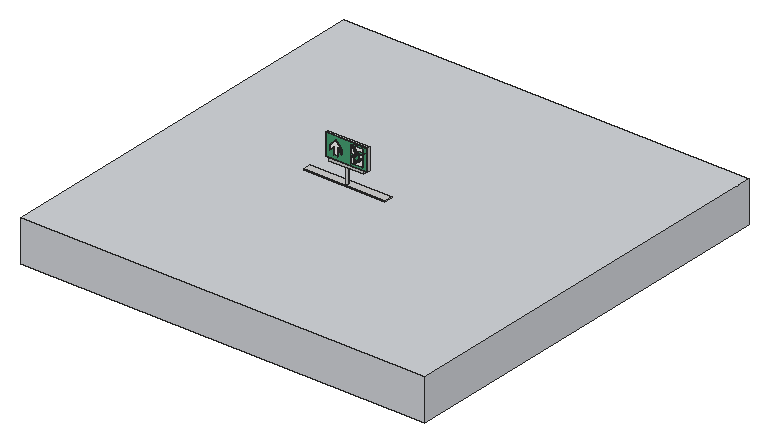
Revit family
Parameters (values of type "PURESIGN 150 TEC NT1 + RZ-U")
  Width = 602 mm  # constant formula
  Wattage Comments = ""
  Wattage = 0.302945 W
  built-in parameter 1150110 = 1 (stored number, unit not read)
  Voltage = 230 V
  URL = "http://www.zumtobel.com/42180894"
  Type Comments = "© Zumtobel. We reserve the right to make technical changes without prior notice."  # constant formula
  built-in parameter 1114217 = 1 (stored number, unit not read)
  Tilt Angle = 180.00°
  built-in parameter 1150109 = 1 (stored number, unit not read)
  built-in parameter 1150134 = 12
  built-in parameter 1150113 = 1 (stored number, unit not read)
  Standard Escape Sign [instance] = yes
  Photometric Web File = "D31336AA_NE2_NT1.IES"
  built-in parameter 1150105 = 16.03 (stored number, unit not read)
  Lumens = 45 lm
  built-in parameter 1150115 = 1 (stored number, unit not read)
  built-in parameter 1150137 = (empty or 0)
  built-in parameter 1150139 = (empty or 0)
  built-in parameter 1150112 = 1 (stored number, unit not read)
  built-in parameter 1150114 = 1 (stored number, unit not read)
  built-in parameter 1150132 = 2
  built-in parameter 1150102 = (empty or 0)
  built-in parameter 1150107 = 4000 (stored number, unit not read)
  built-in parameter 1150138 = (empty or 0)
  built-in parameter 1150106 = 0.1603 (stored number, unit not read)
  Height = 297 mm  # constant formula
  Rotated Escape Sign [instance] = not(Standard Escape Sign)  # no
  Escape Left & Right Standard [instance] = and(Escape Left & Right, Standard Escape Sign)  # no
  Escape Left & Right Rotated [instance] = and(Escape Left & Right, Rotated Escape Sign)  # no
  Escape Left & Right = no
  Escape Bottom Standard [instance] = and(Escape Bottom, Standard Escape Sign)  # yes
  Escape Bottom Rotated [instance] = and(Escape Bottom, Rotated Escape Sign)  # no
  Escape Bottom = yes
  Emit from Rectangle Width = 155 mm
  Emit from Rectangle Length = 305 mm
  Emit Shape Visible in Rendering = no
  built-in parameter 1150104 = 13.8 (stored number, unit not read)
  Dimming Lamp Color Temperature Shift = (empty or 0)
  Depth = 49 mm  # constant formula
  Model = "42180894+22168644"
  Manufacturer = "Zumtobel Lighting"  # constant formula
  Lamp = "LED"
  Description = "Escape sign for TECTON continuous-row"  # constant formula
  Default Elevation = 0 mm
  Color Filter = 16777215
  Body = Zumtobel_Metal_Aluminium
  built-in parameter 1114218 = 1 (stored number, unit not read)
  built-in parameter 1150133 = 10 (stored number, unit not read)
  Assembly Code = "D5020200"
  Apparent Load = 4.5 VA
Types (4, lengths in mm): name | URL | Photometric Web File | Escape Left & Right Standard | Escape Left & Right | Escape Bottom Standard | Escape Bottom | Model | Apparent Load
  PURESIGN 150 TEC NT1 + RZ-U | "http://www.zumtobel.com/42180894" | "D31336AA_NE2_NT1.IES" | no | no | yes | yes | "42180894+22168644" | 4.5 VA
  PURESIGN 150 TEC NT1 + RZ-LR | "http://www.zumtobel.com/42180894" | "D31336AA_NE2_NT1.IES" | yes | yes | no | no | "42180894+22168643" | 4.5 VA
  PURESIGN 150 TEC NSI + RZ-U | "http://www.zumtobel.com/42180896" | "D31336AA_NE2_NSI.IES" | no | no | yes | yes | "42180896+22168644" | 5 VA
  PURESIGN 150 TEC NSI + RZ-LR | "http://www.zumtobel.com/42180896" | "D31336AA_NE2_NSI.IES" | yes | yes | no | no | "42180896+22168643" | 5 VA
Reference planes
  plane 1 "Center (Front/Back)": y = 0
  plane 2 "Bottom": z = 0
  plane 3 "Center (Left/Right)": x = -735.5
  plane 4 "Body Top": z = 7.5
  plane 5: z = 137
  plane 6: z = 297
  plane 7: z = 217
Forms (mm)
  Extrusion 1, solid
    sketch origin (123, 0, 0) x (1, 0, 0) y (0, 1, 0)
      loop
        line (-2085.5, 1500) -> (-2085.5, -1500) -> (914.5, -1500) -> (914.5, 1500) -> (-2085.5, 1500)
    from 0 to -304.8
  Extrusion 2, solid, material "Zumtobel_Metal_Aluminium" <- "Body"
    sketch origin (0, 0, 0) x (1, 0, 0) y (0, 1, 0)
      loop
        line (-1036.5, 30) -> (-1036.5, -30) -> (-434.5, -30) -> (-434.5, 30) -> (-1036.5, 30)
    from 7.5 to 0
  Extrusion 3, solid, material "Zumtobel_Escape_Sign_Green_Self_Illumination", visible <- "Escape Bottom Standard"
    sketch origin (0, 0, -203) x (1, 0, 0) y (0, 0, 1)
      loop
        line (-653.853, 428.358) -> (-651.685, 449.523)
        arc (-651.685, 449.523) -> (-650.098, 453.355) -> (-646.266, 454.942) r 5.42
        line (-646.266, 454.942) -> (-605.191, 454.942)
        arc (-605.191, 454.942) -> (-610.804, 446.945) -> (-620.08, 443.875) r 15.55
        line (-620.08, 443.875) -> (-638.222, 443.875)
        arc (-638.222, 443.875) -> (-639.916, 443.173) -> (-640.618, 441.479) r 2.396
        line (-640.618, 441.479) -> (-641.645, 425.619)
        arc (-641.645, 425.619) -> (-642.427, 420.108) -> (-644.041, 414.78) r 36.444
        line (-644.041, 414.78) -> (-652.084, 398.521) -> (-641.987, 398.521)
        arc (-641.987, 398.521) -> (-641.138, 398.917) -> (-640.504, 399.605) r 2.419
        line (-640.504, 399.605) -> (-632.537, 412.595)
        arc (-632.537, 412.595) -> (-626.032, 414.154) -> (-624.473, 407.649) r 4.73
        line (-624.473, 407.649) -> (-632.574, 394.186)
        arc (-632.574, 394.186) -> (-636.651, 390.46) -> (-642.101, 389.565) r 9.697
        line (-642.101, 389.565) -> (-668.115, 389.565)
        arc (-668.115, 389.565) -> (-674.077, 391.815) -> (-678.786, 396.109) r 16.93
        line (-678.786, 396.109) -> (-687.626, 407.934) -> (-701.546, 407.934) -> (-701.546, 355.05) -> (-616.828, 355.05) -> (-616.828, 441.529)
        arc (-616.828, 441.529) -> (-607.672, 446.126) -> (-602.452, 454.942) r 18.189
        line (-602.452, 454.942) -> (-602.452, 457.738) -> (-616.828, 457.738) -> (-616.828, 476.336) -> (-608.164, 485) -> (-664.125, 485) -> (-672.132, 477.526)
        arc (-672.132, 477.526) -> (-675.189, 475.513) -> (-678.74, 474.624) r 10.907
        line (-678.74, 474.624) -> (-687.911, 474.624) -> (-677.077, 485) -> (-692.881, 485) -> (-701.546, 476.336) -> (-701.546, 417.804) -> (-685.344, 417.804)
        arc (-685.344, 417.804) -> (-682.127, 416.399) -> (-679.582, 413.981) r 10.138
        line (-679.582, 413.981) -> (-673.249, 405.424) -> (-665.434, 421.797) -> (-689.794, 471.715) -> (-679.582, 471.715)
        arc (-679.582, 471.715) -> (-676.908, 470.985) -> (-674.976, 468.998) r 5.263
        line (-674.976, 468.998) -> (-653.853, 428.358)
      loop
        line (-825.836, 368.414) -> (-799.195, 368.414) -> (-799.195, 422.664) -> (-767.953, 389.161) -> (-767.953, 423.799) -> (-812.516, 471.586) -> (-857.078, 423.799) -> (-857.078, 389.161) -> (-825.836, 422.664) -> (-825.836, 368.414)
      loop
        circle (-670.78, 377.395) r 10.133
      loop
        line (-583, 342.5) -> (-583, 497.5) -> (-888, 497.5) -> (-888, 342.5) -> (-583, 342.5)
    from -10 to 10
  Extrusion 4, solid, material "Zumtobel_Escape_Sign_White_Self_Illumination", visible <- "Escape Bottom Standard"
    sketch origin (0, 0, -203) x (1, 0, 0) y (0, 0, 1)
      loop
        line (-653.853, 428.358) -> (-651.685, 449.523)
        arc (-651.685, 449.523) -> (-650.098, 453.355) -> (-646.266, 454.942) r 5.42
        line (-646.266, 454.942) -> (-605.191, 454.942)
        arc (-605.191, 454.942) -> (-610.804, 446.945) -> (-620.08, 443.875) r 15.55
        line (-620.08, 443.875) -> (-638.222, 443.875)
        arc (-638.222, 443.875) -> (-639.916, 443.173) -> (-640.618, 441.479) r 2.396
        line (-640.618, 441.479) -> (-641.645, 425.619)
        arc (-641.645, 425.619) -> (-642.427, 420.108) -> (-644.041, 414.78) r 36.444
        line (-644.041, 414.78) -> (-652.084, 398.521) -> (-641.987, 398.521)
        arc (-641.987, 398.521) -> (-641.138, 398.917) -> (-640.504, 399.605) r 2.419
        line (-640.504, 399.605) -> (-632.537, 412.595)
        arc (-632.537, 412.595) -> (-626.032, 414.154) -> (-624.473, 407.649) r 4.73
        line (-624.473, 407.649) -> (-632.574, 394.186)
        arc (-632.574, 394.186) -> (-636.651, 390.46) -> (-642.101, 389.565) r 9.697
        line (-642.101, 389.565) -> (-668.115, 389.565)
        arc (-668.115, 389.565) -> (-674.077, 391.815) -> (-678.786, 396.109) r 16.93
        line (-678.786, 396.109) -> (-687.626, 407.934) -> (-701.546, 407.934) -> (-701.546, 355.05) -> (-616.828, 355.05) -> (-616.828, 441.529)
        arc (-616.828, 441.529) -> (-607.672, 446.126) -> (-602.452, 454.942) r 18.189
        line (-602.452, 454.942) -> (-602.452, 457.738) -> (-616.828, 457.738) -> (-616.828, 476.336) -> (-608.164, 485) -> (-664.125, 485) -> (-672.132, 477.526)
        arc (-672.132, 477.526) -> (-675.189, 475.513) -> (-678.74, 474.624) r 10.907
        line (-678.74, 474.624) -> (-687.911, 474.624) -> (-677.077, 485) -> (-692.881, 485) -> (-701.546, 476.336) -> (-701.546, 417.804) -> (-685.344, 417.804)
        arc (-685.344, 417.804) -> (-682.127, 416.399) -> (-679.582, 413.981) r 10.138
        line (-679.582, 413.981) -> (-673.249, 405.424) -> (-665.434, 421.797) -> (-689.794, 471.715) -> (-679.582, 471.715)
        arc (-679.582, 471.715) -> (-676.908, 470.985) -> (-674.976, 468.998) r 5.263
        line (-674.976, 468.998) -> (-653.853, 428.358)
      loop
        line (-825.836, 368.414) -> (-799.195, 368.414) -> (-799.195, 422.664) -> (-767.953, 389.161) -> (-767.953, 423.799) -> (-812.516, 471.586) -> (-857.078, 423.799) -> (-857.078, 389.161) -> (-825.836, 422.664) -> (-825.836, 368.414)
      loop
        circle (-670.78, 377.395) r 10.133
    from -10 to 10
  Extrusion 5, solid, material "Zumtobel_Metal_Aluminium" <- "Body", visible <- "Standard Escape Sign"
    sketch origin (0, 0, -203) x (1, 0, 0) y (0, 0, 1)
      loop
        line (-888, 497.5) -> (-888, 342.5) -> (-583, 342.5) -> (-583, 497.5) -> (-888, 497.5)
      loop
        line (-890.5, 500) -> (-890.5, 340) -> (-580.5, 340) -> (-580.5, 500) -> (-890.5, 500)
    from -10 to 10
  Extrusion 6, solid, material "Zumtobel_Escape_Sign_Green_Self_Illumination", visible <- "Escape Left & Right Standard"
    sketch origin (-500, 0, -203) x (1, 0, 0) y (0, 0, 1)
      loop
        line (-153.853, 428.358) -> (-151.685, 449.523)
        arc (-151.685, 449.523) -> (-150.098, 453.355) -> (-146.266, 454.942) r 5.42
        line (-146.266, 454.942) -> (-105.191, 454.942)
        arc (-105.191, 454.942) -> (-110.804, 446.945) -> (-120.08, 443.875) r 15.55
        line (-120.08, 443.875) -> (-138.222, 443.875)
        arc (-138.222, 443.875) -> (-139.916, 443.173) -> (-140.618, 441.479) r 2.396
        line (-140.618, 441.479) -> (-141.645, 425.619)
        arc (-141.645, 425.619) -> (-142.427, 420.108) -> (-144.041, 414.78) r 36.444
        line (-144.041, 414.78) -> (-152.084, 398.521) -> (-141.987, 398.521)
        arc (-141.987, 398.521) -> (-141.138, 398.917) -> (-140.504, 399.605) r 2.419
        line (-140.504, 399.605) -> (-132.537, 412.595)
        arc (-132.537, 412.595) -> (-126.032, 414.154) -> (-124.473, 407.649) r 4.73
        line (-124.473, 407.649) -> (-132.574, 394.186)
        arc (-132.574, 394.186) -> (-136.651, 390.46) -> (-142.101, 389.565) r 9.697
        line (-142.101, 389.565) -> (-168.115, 389.565)
        arc (-168.115, 389.565) -> (-174.077, 391.815) -> (-178.786, 396.109) r 16.93
        line (-178.786, 396.109) -> (-187.626, 407.934) -> (-201.546, 407.934) -> (-201.546, 355.05) -> (-116.828, 355.05) -> (-116.828, 441.529)
        arc (-116.828, 441.529) -> (-107.672, 446.126) -> (-102.452, 454.942) r 18.189
        line (-102.452, 454.942) -> (-102.452, 457.738) -> (-116.828, 457.738) -> (-116.828, 476.336) -> (-108.164, 485) -> (-164.125, 485) -> (-172.132, 477.526)
        arc (-172.132, 477.526) -> (-175.189, 475.513) -> (-178.74, 474.624) r 10.907
        line (-178.74, 474.624) -> (-187.911, 474.624) -> (-177.077, 485) -> (-192.881, 485) -> (-201.546, 476.336) -> (-201.546, 417.804) -> (-185.344, 417.804)
        arc (-185.344, 417.804) -> (-182.127, 416.399) -> (-179.582, 413.981) r 10.138
        line (-179.582, 413.981) -> (-173.249, 405.424) -> (-165.434, 421.797) -> (-189.794, 471.715) -> (-179.582, 471.715)
        arc (-179.582, 471.715) -> (-176.908, 470.985) -> (-174.976, 468.998) r 5.263
        line (-174.976, 468.998) -> (-153.853, 428.358)
      loop
        line (-261.414, 406.195) -> (-261.414, 432.836) -> (-315.664, 432.836) -> (-282.161, 464.078) -> (-316.799, 464.078) -> (-364.586, 419.516) -> (-316.799, 374.953) -> (-282.161, 374.953) -> (-315.664, 406.195) -> (-261.414, 406.195)
      loop
        circle (-170.78, 377.395) r 10.133
      loop
        line (-83, 342.5) -> (-83, 497.5) -> (-388, 497.5) -> (-388, 342.5) -> (-83, 342.5)
    from -10 to 10
  Extrusion 7, solid, material "Zumtobel_Escape_Sign_White_Self_Illumination", visible <- "Escape Left & Right Standard"
    sketch origin (-500, 0, -203) x (1, 0, 0) y (0, 0, 1)
      loop
        line (-153.853, 428.358) -> (-151.685, 449.523)
        arc (-151.685, 449.523) -> (-150.098, 453.355) -> (-146.266, 454.942) r 5.42
        line (-146.266, 454.942) -> (-105.191, 454.942)
        arc (-105.191, 454.942) -> (-110.804, 446.945) -> (-120.08, 443.875) r 15.55
        line (-120.08, 443.875) -> (-138.222, 443.875)
        arc (-138.222, 443.875) -> (-139.916, 443.173) -> (-140.618, 441.479) r 2.396
        line (-140.618, 441.479) -> (-141.645, 425.619)
        arc (-141.645, 425.619) -> (-142.427, 420.108) -> (-144.041, 414.78) r 36.444
        line (-144.041, 414.78) -> (-152.084, 398.521) -> (-141.987, 398.521)
        arc (-141.987, 398.521) -> (-141.138, 398.917) -> (-140.504, 399.605) r 2.419
        line (-140.504, 399.605) -> (-132.537, 412.595)
        arc (-132.537, 412.595) -> (-126.032, 414.154) -> (-124.473, 407.649) r 4.73
        line (-124.473, 407.649) -> (-132.574, 394.186)
        arc (-132.574, 394.186) -> (-136.651, 390.46) -> (-142.101, 389.565) r 9.697
        line (-142.101, 389.565) -> (-168.115, 389.565)
        arc (-168.115, 389.565) -> (-174.077, 391.815) -> (-178.786, 396.109) r 16.93
        line (-178.786, 396.109) -> (-187.626, 407.934) -> (-201.546, 407.934) -> (-201.546, 355.05) -> (-116.828, 355.05) -> (-116.828, 441.529)
        arc (-116.828, 441.529) -> (-107.672, 446.126) -> (-102.452, 454.942) r 18.189
        line (-102.452, 454.942) -> (-102.452, 457.738) -> (-116.828, 457.738) -> (-116.828, 476.336) -> (-108.164, 485) -> (-164.125, 485) -> (-172.132, 477.526)
        arc (-172.132, 477.526) -> (-175.189, 475.513) -> (-178.74, 474.624) r 10.907
        line (-178.74, 474.624) -> (-187.911, 474.624) -> (-177.077, 485) -> (-192.881, 485) -> (-201.546, 476.336) -> (-201.546, 417.804) -> (-185.344, 417.804)
        arc (-185.344, 417.804) -> (-182.127, 416.399) -> (-179.582, 413.981) r 10.138
        line (-179.582, 413.981) -> (-173.249, 405.424) -> (-165.434, 421.797) -> (-189.794, 471.715) -> (-179.582, 471.715)
        arc (-179.582, 471.715) -> (-176.908, 470.985) -> (-174.976, 468.998) r 5.263
        line (-174.976, 468.998) -> (-153.853, 428.358)
      loop
        line (-261.414, 406.195) -> (-261.414, 432.836) -> (-315.664, 432.836) -> (-282.161, 464.078) -> (-316.799, 464.078) -> (-364.586, 419.516) -> (-316.799, 374.953) -> (-282.161, 374.953) -> (-315.664, 406.195) -> (-261.414, 406.195)
      loop
        circle (-170.78, 377.395) r 10.133
    from -10 to 10
  Extrusion 8, solid, material "Zumtobel_Metal_Aluminium" <- "Body", visible <- "Standard Escape Sign"
    sketch origin (0, 0, 0) x (1, 0, 0) y (0, 0, 1)
      loop
        line (-865.5, 137) -> (-865.5, 115) -> (-605.5, 115) -> (-605.5, 137) -> (-865.5, 137)
    from -9.3 to 9.3
  Extrusion 9, solid, material "Zumtobel_Metal_Aluminium" <- "Body"
    sketch origin (0, 0, 0) x (1, 0, 0) y (0, 1, 0)
      loop
        circle (-735.5, 0) r 9.25
    from 7.5 to 115
  Extrusion 10, solid, material "Zumtobel_Escape_Sign_Green_Self_Illumination", visible <- "Escape Bottom Rotated"
    sketch origin (-735.5, -735.5, -203) x (0, -1, 0) y (0, 0, 1)
      loop
        line (-653.853, 428.358) -> (-651.685, 449.523)
        arc (-651.685, 449.523) -> (-650.098, 453.355) -> (-646.266, 454.942) r 5.42
        line (-646.266, 454.942) -> (-605.191, 454.942)
        arc (-605.191, 454.942) -> (-610.804, 446.945) -> (-620.08, 443.875) r 15.55
        line (-620.08, 443.875) -> (-638.222, 443.875)
        arc (-638.222, 443.875) -> (-639.916, 443.173) -> (-640.618, 441.479) r 2.396
        line (-640.618, 441.479) -> (-641.645, 425.619)
        arc (-641.645, 425.619) -> (-642.427, 420.108) -> (-644.041, 414.78) r 36.444
        line (-644.041, 414.78) -> (-652.084, 398.521) -> (-641.987, 398.521)
        arc (-641.987, 398.521) -> (-641.138, 398.917) -> (-640.504, 399.605) r 2.419
        line (-640.504, 399.605) -> (-632.537, 412.595)
        arc (-632.537, 412.595) -> (-626.032, 414.154) -> (-624.473, 407.649) r 4.73
        line (-624.473, 407.649) -> (-632.574, 394.186)
        arc (-632.574, 394.186) -> (-636.651, 390.46) -> (-642.101, 389.565) r 9.697
        line (-642.101, 389.565) -> (-668.115, 389.565)
        arc (-668.115, 389.565) -> (-674.077, 391.815) -> (-678.786, 396.109) r 16.93
        line (-678.786, 396.109) -> (-687.626, 407.934) -> (-701.546, 407.934) -> (-701.546, 355.05) -> (-616.828, 355.05) -> (-616.828, 441.529)
        arc (-616.828, 441.529) -> (-607.672, 446.126) -> (-602.452, 454.942) r 18.189
        line (-602.452, 454.942) -> (-602.452, 457.738) -> (-616.828, 457.738) -> (-616.828, 476.336) -> (-608.164, 485) -> (-664.125, 485) -> (-672.132, 477.526)
        arc (-672.132, 477.526) -> (-675.189, 475.513) -> (-678.74, 474.624) r 10.907
        line (-678.74, 474.624) -> (-687.911, 474.624) -> (-677.077, 485) -> (-692.881, 485) -> (-701.546, 476.336) -> (-701.546, 417.804) -> (-685.344, 417.804)
        arc (-685.344, 417.804) -> (-682.127, 416.399) -> (-679.582, 413.981) r 10.138
        line (-679.582, 413.981) -> (-673.249, 405.424) -> (-665.434, 421.797) -> (-689.794, 471.715) -> (-679.582, 471.715)
        arc (-679.582, 471.715) -> (-676.908, 470.985) -> (-674.976, 468.998) r 5.263
        line (-674.976, 468.998) -> (-653.853, 428.358)
      loop
        line (-825.836, 368.414) -> (-799.195, 368.414) -> (-799.195, 422.664) -> (-767.953, 389.161) -> (-767.953, 423.799) -> (-812.516, 471.586) -> (-857.078, 423.799) -> (-857.078, 389.161) -> (-825.836, 422.664) -> (-825.836, 368.414)
      loop
        circle (-670.78, 377.395) r 10.133
      loop
        line (-583, 342.5) -> (-583, 497.5) -> (-888, 497.5) -> (-888, 342.5) -> (-583, 342.5)
    from -10 to 10
  Extrusion 11, solid, material "Zumtobel_Escape_Sign_White_Self_Illumination", visible <- "Escape Bottom Rotated"
    sketch origin (-735.5, -735.5, -203) x (0, -1, 0) y (0, 0, 1)
      loop
        line (-653.853, 428.358) -> (-651.685, 449.523)
        arc (-651.685, 449.523) -> (-650.098, 453.355) -> (-646.266, 454.942) r 5.42
        line (-646.266, 454.942) -> (-605.191, 454.942)
        arc (-605.191, 454.942) -> (-610.804, 446.945) -> (-620.08, 443.875) r 15.55
        line (-620.08, 443.875) -> (-638.222, 443.875)
        arc (-638.222, 443.875) -> (-639.916, 443.173) -> (-640.618, 441.479) r 2.396
        line (-640.618, 441.479) -> (-641.645, 425.619)
        arc (-641.645, 425.619) -> (-642.427, 420.108) -> (-644.041, 414.78) r 36.444
        line (-644.041, 414.78) -> (-652.084, 398.521) -> (-641.987, 398.521)
        arc (-641.987, 398.521) -> (-641.138, 398.917) -> (-640.504, 399.605) r 2.419
        line (-640.504, 399.605) -> (-632.537, 412.595)
        arc (-632.537, 412.595) -> (-626.032, 414.154) -> (-624.473, 407.649) r 4.73
        line (-624.473, 407.649) -> (-632.574, 394.186)
        arc (-632.574, 394.186) -> (-636.651, 390.46) -> (-642.101, 389.565) r 9.697
        line (-642.101, 389.565) -> (-668.115, 389.565)
        arc (-668.115, 389.565) -> (-674.077, 391.815) -> (-678.786, 396.109) r 16.93
        line (-678.786, 396.109) -> (-687.626, 407.934) -> (-701.546, 407.934) -> (-701.546, 355.05) -> (-616.828, 355.05) -> (-616.828, 441.529)
        arc (-616.828, 441.529) -> (-607.672, 446.126) -> (-602.452, 454.942) r 18.189
        line (-602.452, 454.942) -> (-602.452, 457.738) -> (-616.828, 457.738) -> (-616.828, 476.336) -> (-608.164, 485) -> (-664.125, 485) -> (-672.132, 477.526)
        arc (-672.132, 477.526) -> (-675.189, 475.513) -> (-678.74, 474.624) r 10.907
        line (-678.74, 474.624) -> (-687.911, 474.624) -> (-677.077, 485) -> (-692.881, 485) -> (-701.546, 476.336) -> (-701.546, 417.804) -> (-685.344, 417.804)
        arc (-685.344, 417.804) -> (-682.127, 416.399) -> (-679.582, 413.981) r 10.138
        line (-679.582, 413.981) -> (-673.249, 405.424) -> (-665.434, 421.797) -> (-689.794, 471.715) -> (-679.582, 471.715)
        arc (-679.582, 471.715) -> (-676.908, 470.985) -> (-674.976, 468.998) r 5.263
        line (-674.976, 468.998) -> (-653.853, 428.358)
      loop
        line (-825.836, 368.414) -> (-799.195, 368.414) -> (-799.195, 422.664) -> (-767.953, 389.161) -> (-767.953, 423.799) -> (-812.516, 471.586) -> (-857.078, 423.799) -> (-857.078, 389.161) -> (-825.836, 422.664) -> (-825.836, 368.414)
      loop
        circle (-670.78, 377.395) r 10.133
    from -10 to 10
  Extrusion 12, solid, material "Zumtobel_Metal_Aluminium" <- "Body", visible <- "Rotated Escape Sign"
    sketch origin (-735.5, -735.5, -203) x (0, -1, 0) y (0, 0, 1)
      loop
        line (-888, 497.5) -> (-888, 342.5) -> (-583, 342.5) -> (-583, 497.5) -> (-888, 497.5)
      loop
        line (-890.5, 500) -> (-890.5, 340) -> (-580.5, 340) -> (-580.5, 500) -> (-890.5, 500)
    from -10 to 10
  Extrusion 13, solid, material "Zumtobel_Escape_Sign_Green_Self_Illumination", visible <- "Escape Left & Right Rotated"
    sketch origin (-735.5, -235.5, -203) x (0, -1, 0) y (0, 0, 1)
      loop
        line (-153.853, 428.358) -> (-151.685, 449.523)
        arc (-151.685, 449.523) -> (-150.098, 453.355) -> (-146.266, 454.942) r 5.42
        line (-146.266, 454.942) -> (-105.191, 454.942)
        arc (-105.191, 454.942) -> (-110.804, 446.945) -> (-120.08, 443.875) r 15.55
        line (-120.08, 443.875) -> (-138.222, 443.875)
        arc (-138.222, 443.875) -> (-139.916, 443.173) -> (-140.618, 441.479) r 2.396
        line (-140.618, 441.479) -> (-141.645, 425.619)
        arc (-141.645, 425.619) -> (-142.427, 420.108) -> (-144.041, 414.78) r 36.444
        line (-144.041, 414.78) -> (-152.084, 398.521) -> (-141.987, 398.521)
        arc (-141.987, 398.521) -> (-141.138, 398.917) -> (-140.504, 399.605) r 2.419
        line (-140.504, 399.605) -> (-132.537, 412.595)
        arc (-132.537, 412.595) -> (-126.032, 414.154) -> (-124.473, 407.649) r 4.73
        line (-124.473, 407.649) -> (-132.574, 394.186)
        arc (-132.574, 394.186) -> (-136.651, 390.46) -> (-142.101, 389.565) r 9.697
        line (-142.101, 389.565) -> (-168.115, 389.565)
        arc (-168.115, 389.565) -> (-174.077, 391.815) -> (-178.786, 396.109) r 16.93
        line (-178.786, 396.109) -> (-187.626, 407.934) -> (-201.546, 407.934) -> (-201.546, 355.05) -> (-116.828, 355.05) -> (-116.828, 441.529)
        arc (-116.828, 441.529) -> (-107.672, 446.126) -> (-102.452, 454.942) r 18.189
        line (-102.452, 454.942) -> (-102.452, 457.738) -> (-116.828, 457.738) -> (-116.828, 476.336) -> (-108.164, 485) -> (-164.125, 485) -> (-172.132, 477.526)
        arc (-172.132, 477.526) -> (-175.189, 475.513) -> (-178.74, 474.624) r 10.907
        line (-178.74, 474.624) -> (-187.911, 474.624) -> (-177.077, 485) -> (-192.881, 485) -> (-201.546, 476.336) -> (-201.546, 417.804) -> (-185.344, 417.804)
        arc (-185.344, 417.804) -> (-182.127, 416.399) -> (-179.582, 413.981) r 10.138
        line (-179.582, 413.981) -> (-173.249, 405.424) -> (-165.434, 421.797) -> (-189.794, 471.715) -> (-179.582, 471.715)
        arc (-179.582, 471.715) -> (-176.908, 470.985) -> (-174.976, 468.998) r 5.263
        line (-174.976, 468.998) -> (-153.853, 428.358)
      loop
        line (-261.414, 406.195) -> (-261.414, 432.836) -> (-315.664, 432.836) -> (-282.161, 464.078) -> (-316.799, 464.078) -> (-364.586, 419.516) -> (-316.799, 374.953) -> (-282.161, 374.953) -> (-315.664, 406.195) -> (-261.414, 406.195)
      loop
        circle (-170.78, 377.395) r 10.133
      loop
        line (-83, 342.5) -> (-83, 497.5) -> (-388, 497.5) -> (-388, 342.5) -> (-83, 342.5)
    from -10 to 10
  Extrusion 14, solid, material "Zumtobel_Escape_Sign_White_Self_Illumination", visible <- "Escape Left & Right Rotated"
    sketch origin (-735.5, -235.5, -203) x (0, -1, 0) y (0, 0, 1)
      loop
        line (-153.853, 428.358) -> (-151.685, 449.523)
        arc (-151.685, 449.523) -> (-150.098, 453.355) -> (-146.266, 454.942) r 5.42
        line (-146.266, 454.942) -> (-105.191, 454.942)
        arc (-105.191, 454.942) -> (-110.804, 446.945) -> (-120.08, 443.875) r 15.55
        line (-120.08, 443.875) -> (-138.222, 443.875)
        arc (-138.222, 443.875) -> (-139.916, 443.173) -> (-140.618, 441.479) r 2.396
        line (-140.618, 441.479) -> (-141.645, 425.619)
        arc (-141.645, 425.619) -> (-142.427, 420.108) -> (-144.041, 414.78) r 36.444
        line (-144.041, 414.78) -> (-152.084, 398.521) -> (-141.987, 398.521)
        arc (-141.987, 398.521) -> (-141.138, 398.917) -> (-140.504, 399.605) r 2.419
        line (-140.504, 399.605) -> (-132.537, 412.595)
        arc (-132.537, 412.595) -> (-126.032, 414.154) -> (-124.473, 407.649) r 4.73
        line (-124.473, 407.649) -> (-132.574, 394.186)
        arc (-132.574, 394.186) -> (-136.651, 390.46) -> (-142.101, 389.565) r 9.697
        line (-142.101, 389.565) -> (-168.115, 389.565)
        arc (-168.115, 389.565) -> (-174.077, 391.815) -> (-178.786, 396.109) r 16.93
        line (-178.786, 396.109) -> (-187.626, 407.934) -> (-201.546, 407.934) -> (-201.546, 355.05) -> (-116.828, 355.05) -> (-116.828, 441.529)
        arc (-116.828, 441.529) -> (-107.672, 446.126) -> (-102.452, 454.942) r 18.189
        line (-102.452, 454.942) -> (-102.452, 457.738) -> (-116.828, 457.738) -> (-116.828, 476.336) -> (-108.164, 485) -> (-164.125, 485) -> (-172.132, 477.526)
        arc (-172.132, 477.526) -> (-175.189, 475.513) -> (-178.74, 474.624) r 10.907
        line (-178.74, 474.624) -> (-187.911, 474.624) -> (-177.077, 485) -> (-192.881, 485) -> (-201.546, 476.336) -> (-201.546, 417.804) -> (-185.344, 417.804)
        arc (-185.344, 417.804) -> (-182.127, 416.399) -> (-179.582, 413.981) r 10.138
        line (-179.582, 413.981) -> (-173.249, 405.424) -> (-165.434, 421.797) -> (-189.794, 471.715) -> (-179.582, 471.715)
        arc (-179.582, 471.715) -> (-176.908, 470.985) -> (-174.976, 468.998) r 5.263
        line (-174.976, 468.998) -> (-153.853, 428.358)
      loop
        line (-261.414, 406.195) -> (-261.414, 432.836) -> (-315.664, 432.836) -> (-282.161, 464.078) -> (-316.799, 464.078) -> (-364.586, 419.516) -> (-316.799, 374.953) -> (-282.161, 374.953) -> (-315.664, 406.195) -> (-261.414, 406.195)
      loop
        circle (-170.78, 377.395) r 10.133
    from -10 to 10
  Extrusion 15, solid, material "Zumtobel_Metal_Aluminium" <- "Body", visible <- "Rotated Escape Sign"
    sketch origin (-735.5, -735.5, 0) x (0, -1, 0) y (0, 0, 1)
      loop
        line (-865.5, 137) -> (-865.5, 115) -> (-605.5, 115) -> (-605.5, 137) -> (-865.5, 137)
    from -9.3 to 9.3
Lines and regions (mm)
  symbolic lines, not visible, detail levels coarse
    curve 1: line (-735.5, 80, 0) -> (-735.5, -80, 0)
    curve 2: line (-735.5, 80, 0) -> (-735.5, -80, 0)
Dimensions and locks
  aligned and locked: plane 2 "Bottom" to Extrusion 1
  aligned and locked: level to Extrusion 1
  aligned: plane 2 "Bottom" to Extrusion 2
  aligned and locked: plane 4 "Body Top" to Extrusion 2
  aligned and locked: Extrusion 2 to plane 2 "Bottom"
  aligned and locked: plane 7 to imposter light
  aligned and locked: Extrusion 9 to Extrusion 2
  aligned and locked: Extrusion 9 to Extrusion 8
Connectors
  electrical at (-735.5, 0, 0), driven by "Apparent Load", driven by "Voltage"
    settings: index 1
